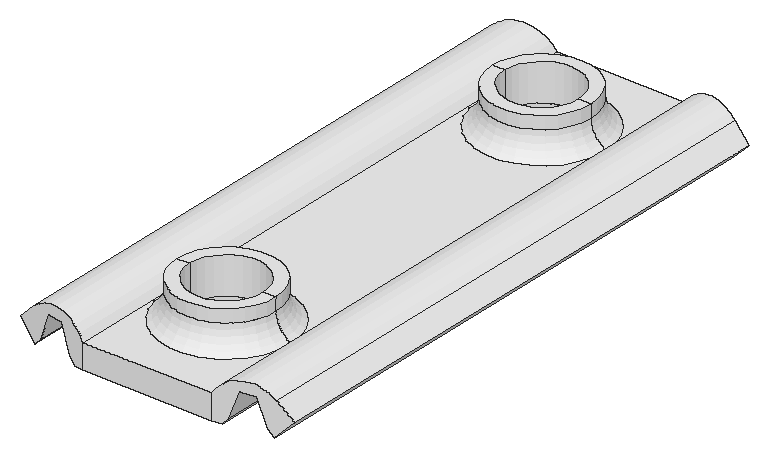
Revit family "P4908_Double_Adjusting_Conveyor_Nut", category Structural Connections, Revit 2020
Family settings
  Material for Model Behavior = Other
  Work Plane-Based = Yes
  Enable cutting in views = Yes
  Always vertical = No
  Cut with Voids When Loaded = No
  Shared = No
Parameters (values of type "P4908 AL")
  Weight = 0.040 lbm
  URL = "https://www.atkore.com/products/strut-and-fittings/p4908"
  UPC = "\"786364020754\""
  Salsify ID6 = ""
  Salsify ID5 = ""
  Salsify ID4 = ""
  Salsify ID3 = ""
  Salsify ID2 = ""
  Salsify ID1 = "US-P4908"
  Power-Strut Part Number = ""
  Part Number = "P4908 AL"
  Model = "P4908"
  Manufacturer = "Atkore Unistrut"
  Material = Aluminum
  Disclaimer = ""
  Description = "P4908 - Double Adjusting Conveyor Nut"
  Default Elevation = 48.000"
Types (3): name | Weight | UPC | Salsify ID6 | Salsify ID5 | Salsify ID4 | Salsify ID3 | Salsify ID2 | Power-Strut Part Number | Part Number | Material
  P4908 HG | 0.180 lbm | "\"786364053806\"" | "" | "" | "" | "" | "" | "" | "P4908 HG" | Hot Dip Galvanized
  P4908 EG | 0.180 lbm | "\"78636402623\"" | " " | " " | " " | " " | " " | "PS 3281 3/8 EG" | "P4908 EG" | Electro Galvanized
  P4908 AL | 0.040 lbm | "\"786364020754\"" | "" | "" | "" | "" | "" | "" | "P4908 AL" | Aluminum
Reference planes (in)
  plane 1 "Center (Front/Back)": y = 0
  plane 2: z = 0
  plane 3 "Center (Left/Right)": x = 0
  plane 4 "EE": y = 0.99799
  plane 5 "FF": y = -0.99799
Forms (in)
  Extrusion 1, solid, material "Aluminum" <- "Material"
    sketch origin (0, 0, -0.74896) x (1, 0, 0) y (0, 0, 1)
      loop
        line (-0.37339, 0.74896) -> (0.37339, 0.74896) -> (0.40337, 0.77895) -> (0.4522, 0.9131) -> (0.5276, 0.9131) -> (0.57608, 0.7795) -> (0.60661, 0.74896) -> (0.695, 0.83735) -> (0.61519, 0.91716)
        arc (0.61519, 0.91716) -> (0.4595, 0.96627) -> (0.32485, 0.87396) r 0.1864
        line (0.32485, 0.87396) -> (-0.32485, 0.87396)
        arc (-0.32485, 0.87396) -> (-0.4595, 0.96627) -> (-0.61519, 0.91716) r 0.1864
        line (-0.61519, 0.91716) -> (-0.695, 0.83735) -> (-0.60661, 0.74896) -> (-0.57608, 0.7795) -> (-0.5276, 0.9131) -> (-0.4522, 0.9131) -> (-0.40337, 0.77895) -> (-0.37339, 0.74896)
    from -1.5 to 1.5
  Revolve 2, solid, material "Aluminum" <- "Material"
    sketch origin (0, 0.99799, -0.3125) x (-1, 0, 0) y (0, 0, 1)
      loop
        line (0.25, 0.625) -> (0.18678, 0.625) -> (0.18678, 0.4375) -> (0.32161, 0.4375)
        arc (0.32161, 0.4375) -> (0.26995, 0.49021) -> (0.25, 0.56127) r 0.1487
        line (0.25, 0.56127) -> (0.25, 0.625)
      axis (0, 0.625) -> (0, 0.4375)
    angle from 0 to 360
  Revolve 3, solid, material "Aluminum" <- "Material"
    sketch origin (0, -0.99799, -0.3125) x (-1, 0, 0) y (0, 0, 1)
      loop
        line (0.25, 0.625) -> (0.18678, 0.625) -> (0.18678, 0.4375) -> (0.32161, 0.4375)
        arc (0.32161, 0.4375) -> (0.26995, 0.49021) -> (0.25, 0.56127) r 0.1487
        line (0.25, 0.56127) -> (0.25, 0.625)
      axis (0, 0.625) -> (0, 0.4375)
    angle from 0 to 360
  Extrusion 4, void
    sketch origin (0.99258, -0.72562, 0.00488) x (0, -1, 0) y (1, 0, 0)
      loop
        circle (-1.72361, -0.99258) r 0.18678
      loop
        circle (0.27237, -0.99258) r 0.18678
    from 0 to 0.30762
  Extrusion 5, void
    sketch origin (0.99258, -0.72562, 0.00488) x (0, -1, 0) y (1, 0, 0)
      loop
        line (-2.15676, -1.70794) -> (-2.24908, -1.18436) -> (-2.24908, -1.70794) -> (-2.15676, -1.70794)
    from -0.06101 to 0.27147
  Extrusion 6, void
    sketch origin (-0.99258, -0.72562, 0.00488) x (0, -1, 0) y (1, 0, 0)
      loop
        line (-2.15676, 1.70794) -> (-2.24908, 1.70794) -> (-2.24908, 1.18436) -> (-2.15676, 1.70794)
    from -0.06101 to 0.27147
  Extrusion 7, void
    sketch origin (0.99258, 0.72562, 0.00488) x (0, 1, 0) y (-1, 0, 0)
      loop
        line (-2.15676, 1.70794) -> (-2.24908, 1.70794) -> (-2.24908, 1.18436) -> (-2.15676, 1.70794)
    from -0.06101 to 0.27147
  Extrusion 8, void
    sketch origin (-0.99258, 0.72562, 0.00488) x (0, 1, 0) y (-1, 0, 0)
      loop
        line (-2.15676, -1.70794) -> (-2.24908, -1.18436) -> (-2.24908, -1.70794) -> (-2.15676, -1.70794)
    from -0.06101 to 0.27147
Cuts and joins
  Extrusion 4, Extrusion 5, Extrusion 6, Extrusion 7, Extrusion 8 cuts Extrusion 1
  Extrusion 4 cuts Revolve 2
  Extrusion 4 cuts Revolve 3
Dimensions and locks (in)
  aligned and locked: plane 2 to level
  aligned and locked: Revolve 2 sketch curve to Revolve 2 sketch curve
  aligned and locked: Revolve 3 sketch curve to Revolve 3 sketch curve
